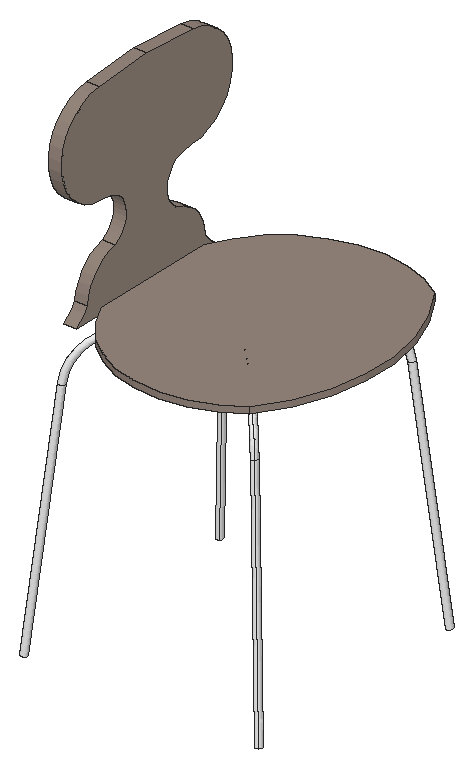
Revit family "Chair 2", category Furniture, Revit 2025
Family settings
  Work Plane-Based = No
  Enable Cutting in Views = No
  Always vertical = Yes
  Cut with Voids When Loaded = No
  Render Appearance Source = Family Geometry
  Shared = No
  Room Calculation Point = No
Parameters
  Keynote = "12600"
  Manufacturer = ""
  Default Elevation = 0 mm
  Bracket Material = Herman Miller - Finish 47 Trivalent Chrome
  Model = ""
  Cushion/Chair Back Material = Herman Miller - Veneer Z5 Maple
  BG_DIM_Width1 [instance] = 0 mm
  BG_DIM_Height1 [instance] = 0 mm
  BG_DIM_Depth1 [instance] = 0 mm
Reference planes
  plane 1 "Center F/B": y = -198.997
  plane 2: z = 0
  plane 3 "Center L/R": x = -1.022
Forms (mm)
  Sweep 1, solid, material "Herman Miller - Finish 47 Trivalent Chrome" <- "Bracket Material"
    path origin (61.052, -65.204, 45) x (0, 0, -1) y (0.707107, -0.707107, 0)
      loop
        line (45, -82.843) -> (-332.364, -36.508)
        arc (-332.364, -36.508) -> (-382.531, -10.114) -> (-402.615, 42.895) r 80
        line (-402.615, 42.895) -> (-402.615, 181.322)
    profile origin (18.855, -23.007, 188.682) x (-0.701836, 0.701836, 0.121869) y (-0.707107, -0.707107, 0)
      loop
        circle (0, 0) r 5
  Sweep 2, solid, material "Herman Miller - Finish 47 Trivalent Chrome" <- "Bracket Material"
    path origin (57.516, -325.168, 45) x (0, 0, -1) y (0.707107, 0.707107, 0)
      loop
        line (45, -82.843) -> (-332.364, -36.508)
        arc (-332.364, -36.508) -> (-382.531, -10.114) -> (-402.615, 42.895) r 80
        line (-402.615, 42.895) -> (-402.615, 181.322)
    profile origin (15.319, -367.364, 188.682) x (-0.701836, -0.701836, 0.121869) y (0.707107, -0.707107, 0)
      loop
        circle (0, 0) r 5
  Sweep 3, solid, material "Herman Miller - Finish 47 Trivalent Chrome" <- "Bracket Material"
    path origin (303.338, -65.204, 45) x (0, 0, -1) y (0.707107, 0.707107, 0)
      loop
        line (45, 82.843) -> (-332.364, 36.508)
        arc (-332.364, 36.508) -> (-382.531, 10.114) -> (-402.615, -42.895) r 80
        line (-402.615, -42.895) -> (-402.615, -181.322)
    profile origin (345.535, -23.007, 188.682) x (0.701836, 0.701836, 0.121869) y (-0.707107, 0.707107, 0)
      loop
        circle (0, 0) r 5
  Sweep 4, solid, material "Herman Miller - Finish 47 Trivalent Chrome" <- "Bracket Material"
    path origin (306.873, -325.168, 45) x (0, 0, -1) y (0.707107, -0.707107, 0)
      loop
        line (45, 82.843) -> (-332.364, 36.508)
        arc (-332.364, 36.508) -> (-382.531, 10.114) -> (-402.615, -42.895) r 80
        line (-402.615, -42.895) -> (-402.615, -181.322)
    profile origin (349.07, -367.364, 188.682) x (0.701836, -0.701836, 0.121869) y (0.707107, 0.707107, 0)
      loop
        circle (0, 0) r 5
  Extrusion 5, solid, material "Herman Miller - Veneer Z5 Maple" <- "Cushion/Chair Back Material"
    sketch origin (0, 0, 0) x (1, 0, 0) y (0, 1, 0)
      loop
        arc (340, -9.099) -> (152.776, 17.913) -> (32.728, -128.274) r 192.616
        line (32.728, -128.274) -> (32.728, -249.923)
        arc (32.728, -249.923) -> (152.776, -396.11) -> (340, -369.099) r 192.616
        arc (340, -369.099) -> (400.673, -189.099) -> (340, -9.099) r 297.34
    from 450 to 460
  Extrusion 6, solid, material "Herman Miller - Veneer Z5 Maple" <- "Cushion/Chair Back Material"
    sketch origin (390, -409.099, -27.081) x (0, 0, -1) y (0, 1, 0)
      loop
        arc (-498.809, 95.839) -> (-486.21, 86.065) -> (-477.081, 72.99) r 53.087
        line (-477.081, 72.99) -> (-477.081, 347.212)
        arc (-477.081, 347.212) -> (-486.21, 334.138) -> (-498.809, 324.364) r 53.087
        arc (-498.809, 324.364) -> (-539.073, 308.301) -> (-561.143, 270.989) r 67.175
        arc (-561.143, 270.989) -> (-601.737, 249.17) -> (-634.197, 281.887) r 38.521
        line (-634.197, 281.887) -> (-636.604, 298.938)
        arc (-636.604, 298.938) -> (-714.694, 376.726) -> (-796.127, 302.444) r 79.872
        line (-796.127, 302.444) -> (-802.584, 210.101) -> (-796.127, 117.759)
        arc (-796.127, 117.759) -> (-714.694, 43.477) -> (-636.604, 121.265) r 79.872
        line (-636.604, 121.265) -> (-634.197, 138.316)
        arc (-634.197, 138.316) -> (-601.737, 171.033) -> (-561.143, 149.213) r 38.521
        arc (-561.143, 149.213) -> (-539.073, 111.901) -> (-498.809, 95.839) r 67.175
    from -367.272 to -347.272
Dimensions and locks
  aligned and locked: plane 1 "Center F/B" to Extrusion 6
